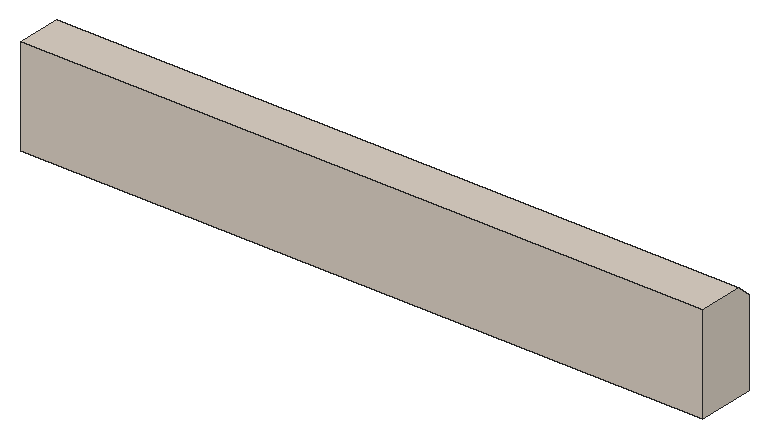
Revit family
Parameters (values of type "125 x 215mm Deep")
  Opening Width [instance] = 1210.0 mm
  Keynote = "F"
  Cill/Lintol Offset from Ext = 25.0 mm
  Material Cill = Masonry - Stone Cill
  Height to U/S Lintol [instance] = 2110.0 mm
  Cill/Lintol Width = 125.0 mm
  Cill/Lintol Length [instance] = Opening Width + 2 * (Cill Lintol Bearing)  # 1510.0 mm
  Cill/Lintol Depth = 215.0 mm
  Cill Lintol Bearing = 150.0 mm
Types (2, lengths in mm): name | Height to U/S Lintol | Cill/Lintol Depth
  125 x 215mm Deep | 2110.0 | 215.0
  125 x 150mm Deep | 910.0 | 150.0
Reference planes
  plane 1 "Wall": y = -11.298
  plane 2 "Center (Left/Right)": x = 161.814
  plane 3 "Back": y = 138.702
  plane 4 "U/S Lintol": z = 2325
  plane 5: x = 766.814
  plane 6: x = -443.186
  plane 7: x = 916.814
  plane 8: x = -593.186
  plane 9: y = 163.702
  plane 10: y = 38.702
  plane 11: z = 2110
Forms (mm)
  Extrusion 1, void
    sketch origin (0, 138.702, 0) x (-1, 0, 0) y (0, 0, 1)
      loop
        line (-916.814, 2325) -> (-916.814, 2110) -> (593.186, 2110) -> (593.186, 2325) -> (-916.814, 2325)
    from 0 to -100
  Extrusion 2, solid, material "Masonry - Stone Cill" <- "Material Cill"
    sketch origin (0, 138.702, 0) x (1, 0, 0) y (0, 0, 1)
      loop
        line (916.814, 2325) -> (-593.186, 2325) -> (-593.186, 2110) -> (916.814, 2110) -> (916.814, 2325)
    from -25 to 100
  Sweep 3, void
    path origin (-593.186, 38.702, 2110) x (1, 0, 0) y (0, 1, 0)
      loop
        line (65.147, 184.853) -> (150, 100) -> (1360, 100) -> (1444.853, 184.853)
    profile origin (161.814, 0, 0) x (0, 1, 0) y (0, 0, 1)
      loop
        line (163.702, 2110) -> (163.702, 2135) -> (138.702, 2110) -> (163.702, 2110)
  Sweep 4, void
    path in 3D
      loop
        line (-593.186, 163.702, 2325) -> (916.814, 163.702, 2325)
    profile origin (161.814, 0, 0) x (0, 1, 0) y (0, 0, 1)
      loop
        line (163.702, 2325) -> (138.702, 2325) -> (163.702, 2300) -> (163.702, 2325)
Cuts and joins
  Sweep 3, Sweep 4 cuts Extrusion 2
Lines and regions (mm)
  sketch lines
    curve 1: line (-593.186, 163.702, 2325) -> (916.814, 163.702, 2325)
Text (mm)
  text "Placement side" at (-1848.837, 1116.779, 0), in view "Ref. Level"
  text "Placement side" at (0, 1409.804, 2854.306), in view "Left"
  text "Placement side" at (0, 499.811, 2980.732), in view "Right"
Dimensions and locks
  locked: plane 3 "Back" to host wall
  equal spacing: plane 5, plane 2 "Center (Left/Right)", plane 6
  "Opening Width": plane 5 to plane 6
  "Cill Lintol Bearing": plane 7 to plane 5
  "Cill Lintol Bearing": plane 6 to plane 8
  "Cill/Lintol Offset from Ext": plane 3 "Back" to plane 9
  "Cill/Lintol Width": plane 10 to plane 9
  "Cill/Lintol Depth": plane 11 to plane 4 "U/S Lintol"
  "Height to U/S Lintol": level to plane 11
  "Cill/Lintol Offset from Ext": Sweep 3 sketch curve to plane 9
  "Cill/Lintol Offset from Ext": plane 11 to Sweep 3 sketch curve
  "Cill/Lintol Offset from Ext": Sweep 4 sketch curve to plane 9
  "Cill/Lintol Offset from Ext": Sweep 4 sketch curve to plane 4 "U/S Lintol"
  locked: Sweep 3 sketch curve to Sweep 3 sketch curve (angle 135.00°)  (x2)
  aligned and locked: plane 1 "Wall" to host wall
  aligned and locked: Extrusion 1 to plane 10
  aligned and locked: host wall to Extrusion 1
  aligned and locked: plane 9 to Extrusion 2
  aligned and locked: Extrusion 2 to plane 10
  aligned and locked: host wall to Sweep 3 sketch curve
Automatic sketch dimensions
  Extrusion 1 sketch curve to plane 7 = 0.0 mm
  Extrusion 1 sketch curve to plane 8 = 0.0 mm
  Extrusion 1 sketch curve to plane 11 = 0.0 mm
  Extrusion 1 sketch curve to plane 4 "U/S Lintol" = 0.0 mm
  Extrusion 2 sketch curve to plane 4 "U/S Lintol" = 0.0 mm
  Extrusion 2 sketch curve to plane 8 = 0.0 mm
  Extrusion 2 sketch curve to plane 7 = 0.0 mm
  Extrusion 2 sketch curve to plane 11 = 0.0 mm
  Sweep 3 sketch curve to plane 6 = 0.0 mm
  Sweep 3 sketch curve to plane 5 = 0.0 mm
  plane 9 to Sweep 3 sketch curve = 59.853 mm  (x2)
  Sweep 3 sketch curve to profile plane = 0.0 mm
  Sweep 3 sketch curve to profile plane = 25.0 mm
  Sweep 4 sketch curve to profile plane = 0.0 mm  (x2)
